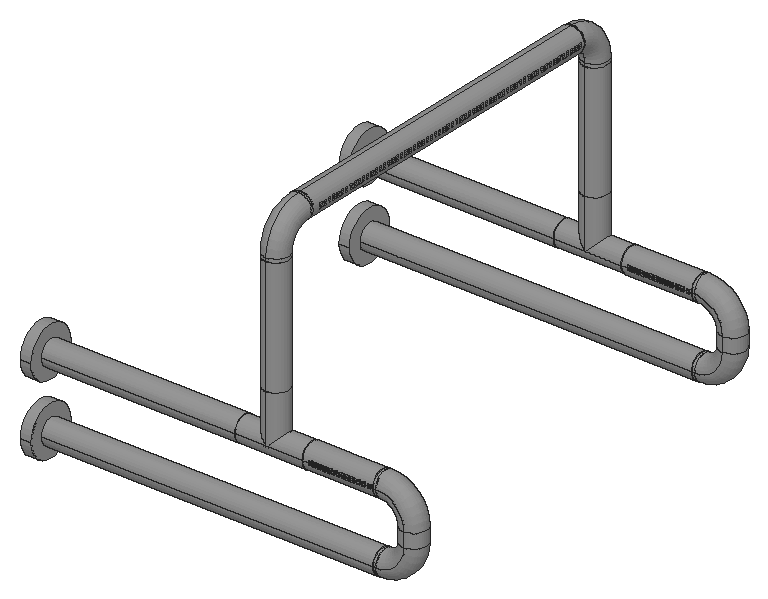
Revit family "Tube Coated Handicap Grab Bar White_IN", category Pipe Accessories, Revit 2017 (continued)
Forms (mm)
  Extrusion 285, solid, material "NYLONS"
    sketch origin (669.29, 15.021, 2.506) x (0, 1, 0) y (0, 0, -1)
      loop
        spline (90.004, -414.289) -> (89.912, -414.417) -> (89.837, -414.546) -> (89.779, -414.674) -> (89.737, -414.801) -> (89.712, -414.929) -> (89.703, -415.056) -> (89.712, -415.183) -> (89.737, -415.31) -> (89.779, -415.437) -> (89.837, -415.563) -> (89.912, -415.689) -> (90.004, -415.815)
    from 317.061 to 318.374
  Extrusion 286, solid, material "NYLONS"
    sketch origin (669.29, 15.021, -2.612) x (0, 1, 0) y (0, 0, -1)
      loop
        line (90.004, -415.815) -> (93.449, -415.815)
        spline (93.449, -415.815) -> (93.523, -415.677) -> (93.583, -415.541) -> (93.63, -415.407) -> (93.663, -415.274) -> (93.684, -415.144) -> (93.69, -415.016) -> (93.684, -414.89) -> (93.663, -414.766) -> (93.63, -414.644) -> (93.583, -414.523) -> (93.523, -414.405) -> (93.449, -414.289)
        line (93.449, -414.289) -> (90.004, -414.289)
        spline (90.004, -414.289) -> (89.912, -414.417) -> (89.837, -414.546) -> (89.779, -414.674) -> (89.737, -414.801) -> (89.712, -414.929) -> (89.703, -415.056) -> (89.712, -415.183) -> (89.737, -415.31) -> (89.779, -415.437) -> (89.837, -415.563) -> (89.912, -415.689) -> (90.004, -415.815)
    from 317.061 to 318.374
  Extrusion 287, solid, material "NYLONS"
    sketch origin (669.29, 22.532, 0) x (0, 1, 0) y (0, 0, -1)
      loop
        line (90.004, -415.815) -> (93.449, -415.815)
        spline (93.449, -415.815) -> (93.523, -415.677) -> (93.583, -415.541) -> (93.63, -415.407) -> (93.663, -415.274) -> (93.684, -415.144) -> (93.69, -415.016) -> (93.684, -414.89) -> (93.663, -414.766) -> (93.63, -414.644) -> (93.583, -414.523) -> (93.523, -414.405) -> (93.449, -414.289)
        line (93.449, -414.289) -> (90.004, -414.289)
        spline (90.004, -414.289) -> (89.912, -414.417) -> (89.837, -414.546) -> (89.779, -414.674) -> (89.737, -414.801) -> (89.712, -414.929) -> (89.703, -415.056) -> (89.712, -415.183) -> (89.737, -415.31) -> (89.779, -415.437) -> (89.837, -415.563) -> (89.912, -415.689) -> (90.004, -415.815)
    from 317.061 to 318.374
  Extrusion 288, solid, material "NYLONS"
    sketch origin (669.29, 22.532, 2.506) x (0, 1, 0) y (0, 0, -1)
      loop
        line (90.004, -415.815) -> (93.449, -415.815)
        spline (93.449, -415.815) -> (93.523, -415.677) -> (93.583, -415.541) -> (93.63, -415.407) -> (93.663, -415.274) -> (93.684, -415.144) -> (93.69, -415.016) -> (93.684, -414.89) -> (93.663, -414.766) -> (93.63, -414.644) -> (93.583, -414.523) -> (93.523, -414.405) -> (93.449, -414.289)
        line (93.449, -414.289) -> (90.004, -414.289)
        spline (90.004, -414.289) -> (89.912, -414.417) -> (89.837, -414.546) -> (89.779, -414.674) -> (89.737, -414.801) -> (89.712, -414.929) -> (89.703, -415.056) -> (89.712, -415.183) -> (89.737, -415.31) -> (89.779, -415.437) -> (89.837, -415.563) -> (89.912, -415.689) -> (90.004, -415.815)
    from 317.061 to 318.374
  Extrusion 289, solid, material "NYLONS"
    sketch origin (669.29, 22.532, -2.612) x (0, 1, 0) y (0, 0, -1)
      loop
        line (90.004, -415.815) -> (93.449, -415.815)
        spline (93.449, -415.815) -> (93.523, -415.677) -> (93.583, -415.541) -> (93.63, -415.407) -> (93.663, -415.274) -> (93.684, -415.144) -> (93.69, -415.016) -> (93.684, -414.89) -> (93.663, -414.766) -> (93.63, -414.644) -> (93.583, -414.523) -> (93.523, -414.405) -> (93.449, -414.289)
        line (93.449, -414.289) -> (90.004, -414.289)
        spline (90.004, -414.289) -> (89.912, -414.417) -> (89.837, -414.546) -> (89.779, -414.674) -> (89.737, -414.801) -> (89.712, -414.929) -> (89.703, -415.056) -> (89.712, -415.183) -> (89.737, -415.31) -> (89.779, -415.437) -> (89.837, -415.563) -> (89.912, -415.689) -> (90.004, -415.815)
    from 317.061 to 318.374
  Extrusion 290, solid, material "NYLONS"
    sketch origin (669.29, 30.208, 0) x (0, 1, 0) y (0, 0, -1)
      loop
        line (90.004, -415.815) -> (93.449, -415.815)
        spline (93.449, -415.815) -> (93.523, -415.677) -> (93.583, -415.541) -> (93.63, -415.407) -> (93.663, -415.274) -> (93.684, -415.144) -> (93.69, -415.016) -> (93.684, -414.89) -> (93.663, -414.766) -> (93.63, -414.644) -> (93.583, -414.523) -> (93.523, -414.405) -> (93.449, -414.289)
        line (93.449, -414.289) -> (90.004, -414.289)
        spline (90.004, -414.289) -> (89.912, -414.417) -> (89.837, -414.546) -> (89.779, -414.674) -> (89.737, -414.801) -> (89.712, -414.929) -> (89.703, -415.056) -> (89.712, -415.183) -> (89.737, -415.31) -> (89.779, -415.437) -> (89.837, -415.563) -> (89.912, -415.689) -> (90.004, -415.815)
    from 317.061 to 318.374
  Extrusion 291, solid, material "NYLONS"
    sketch origin (669.29, 30.208, 2.506) x (0, 1, 0) y (0, 0, -1)
      loop
        line (90.004, -415.815) -> (93.449, -415.815)
        spline (93.449, -415.815) -> (93.523, -415.677) -> (93.583, -415.541) -> (93.63, -415.407) -> (93.663, -415.274) -> (93.684, -415.144) -> (93.69, -415.016) -> (93.684, -414.89) -> (93.663, -414.766) -> (93.63, -414.644) -> (93.583, -414.523) -> (93.523, -414.405) -> (93.449, -414.289)
        line (93.449, -414.289) -> (90.004, -414.289)
        spline (90.004, -414.289) -> (89.912, -414.417) -> (89.837, -414.546) -> (89.779, -414.674) -> (89.737, -414.801) -> (89.712, -414.929) -> (89.703, -415.056) -> (89.712, -415.183) -> (89.737, -415.31) -> (89.779, -415.437) -> (89.837, -415.563) -> (89.912, -415.689) -> (90.004, -415.815)
    from 317.061 to 318.374
  Extrusion 292, solid, material "NYLONS"
    sketch origin (669.29, 30.208, -2.612) x (0, 1, 0) y (0, 0, -1)
      loop
        line (90.004, -415.815) -> (93.449, -415.815)
        spline (93.449, -415.815) -> (93.523, -415.677) -> (93.583, -415.541) -> (93.63, -415.407) -> (93.663, -415.274) -> (93.684, -415.144) -> (93.69, -415.016) -> (93.684, -414.89) -> (93.663, -414.766) -> (93.63, -414.644) -> (93.583, -414.523) -> (93.523, -414.405) -> (93.449, -414.289)
        line (93.449, -414.289) -> (90.004, -414.289)
        spline (90.004, -414.289) -> (89.912, -414.417) -> (89.837, -414.546) -> (89.779, -414.674) -> (89.737, -414.801) -> (89.712, -414.929) -> (89.703, -415.056) -> (89.712, -415.183) -> (89.737, -415.31) -> (89.779, -415.437) -> (89.837, -415.563) -> (89.912, -415.689) -> (90.004, -415.815)
    from 317.061 to 318.374
  Extrusion 293, solid, material "NYLONS"
    sketch origin (669.29, 37.719, 0) x (0, 1, 0) y (0, 0, -1)
      loop
        line (90.004, -415.815) -> (93.449, -415.815)
        spline (93.449, -415.815) -> (93.523, -415.677) -> (93.583, -415.541) -> (93.63, -415.407) -> (93.663, -415.274) -> (93.684, -415.144) -> (93.69, -415.016) -> (93.684, -414.89) -> (93.663, -414.766) -> (93.63, -414.644) -> (93.583, -414.523) -> (93.523, -414.405) -> (93.449, -414.289)
        line (93.449, -414.289) -> (90.004, -414.289)
        spline (90.004, -414.289) -> (89.912, -414.417) -> (89.837, -414.546) -> (89.779, -414.674) -> (89.737, -414.801) -> (89.712, -414.929) -> (89.703, -415.056) -> (89.712, -415.183) -> (89.737, -415.31) -> (89.779, -415.437) -> (89.837, -415.563) -> (89.912, -415.689) -> (90.004, -415.815)
    from 317.061 to 318.374
  Extrusion 294, solid, material "NYLONS"
    sketch origin (669.29, 37.719, 2.506) x (0, 1, 0) y (0, 0, -1)
      loop
        line (90.004, -415.815) -> (93.449, -415.815)
        spline (93.449, -415.815) -> (93.523, -415.677) -> (93.583, -415.541) -> (93.63, -415.407) -> (93.663, -415.274) -> (93.684, -415.144) -> (93.69, -415.016) -> (93.684, -414.89) -> (93.663, -414.766) -> (93.63, -414.644) -> (93.583, -414.523) -> (93.523, -414.405) -> (93.449, -414.289)
        line (93.449, -414.289) -> (90.004, -414.289)
        spline (90.004, -414.289) -> (89.912, -414.417) -> (89.837, -414.546) -> (89.779, -414.674) -> (89.737, -414.801) -> (89.712, -414.929) -> (89.703, -415.056) -> (89.712, -415.183) -> (89.737, -415.31) -> (89.779, -415.437) -> (89.837, -415.563) -> (89.912, -415.689) -> (90.004, -415.815)
    from 317.061 to 318.374
  Extrusion 295, solid, material "NYLONS"
    sketch origin (669.29, 37.719, -2.612) x (0, 1, 0) y (0, 0, -1)
      loop
        line (90.004, -415.815) -> (93.449, -415.815)
        spline (93.449, -415.815) -> (93.523, -415.677) -> (93.583, -415.541) -> (93.63, -415.407) -> (93.663, -415.274) -> (93.684, -415.144) -> (93.69, -415.016) -> (93.684, -414.89) -> (93.663, -414.766) -> (93.63, -414.644) -> (93.583, -414.523) -> (93.523, -414.405) -> (93.449, -414.289)
        line (93.449, -414.289) -> (90.004, -414.289)
        spline (90.004, -414.289) -> (89.912, -414.417) -> (89.837, -414.546) -> (89.779, -414.674) -> (89.737, -414.801) -> (89.712, -414.929) -> (89.703, -415.056) -> (89.712, -415.183) -> (89.737, -415.31) -> (89.779, -415.437) -> (89.837, -415.563) -> (89.912, -415.689) -> (90.004, -415.815)
    from 317.061 to 318.374
  Extrusion 296, solid, material "NYLONS"
    sketch origin (669.29, 45.229, 0) x (0, 1, 0) y (0, 0, -1)
      loop
        line (90.004, -415.815) -> (93.449, -415.815)
        spline (93.449, -415.815) -> (93.523, -415.677) -> (93.583, -415.541) -> (93.63, -415.407) -> (93.663, -415.274) -> (93.684, -415.144) -> (93.69, -415.016) -> (93.684, -414.89) -> (93.663, -414.766) -> (93.63, -414.644) -> (93.583, -414.523) -> (93.523, -414.405) -> (93.449, -414.289)
        line (93.449, -414.289) -> (90.004, -414.289)
        spline (90.004, -414.289) -> (89.912, -414.417) -> (89.837, -414.546) -> (89.779, -414.674) -> (89.737, -414.801) -> (89.712, -414.929) -> (89.703, -415.056) -> (89.712, -415.183) -> (89.737, -415.31) -> (89.779, -415.437) -> (89.837, -415.563) -> (89.912, -415.689) -> (90.004, -415.815)
    from 317.061 to 318.374
  Extrusion 297, solid, material "NYLONS"
    sketch origin (669.29, 45.229, 2.506) x (0, 1, 0) y (0, 0, -1)
      loop
        line (90.004, -415.815) -> (93.449, -415.815)
        spline (93.449, -415.815) -> (93.523, -415.677) -> (93.583, -415.541) -> (93.63, -415.407) -> (93.663, -415.274) -> (93.684, -415.144) -> (93.69, -415.016) -> (93.684, -414.89) -> (93.663, -414.766) -> (93.63, -414.644) -> (93.583, -414.523) -> (93.523, -414.405) -> (93.449, -414.289)
        line (93.449, -414.289) -> (90.004, -414.289)
        spline (90.004, -414.289) -> (89.912, -414.417) -> (89.837, -414.546) -> (89.779, -414.674) -> (89.737, -414.801) -> (89.712, -414.929) -> (89.703, -415.056) -> (89.712, -415.183) -> (89.737, -415.31) -> (89.779, -415.437) -> (89.837, -415.563) -> (89.912, -415.689) -> (90.004, -415.815)
    from 317.061 to 318.374
  Extrusion 298, solid, material "NYLONS"
    sketch origin (669.29, 45.229, -2.612) x (0, 1, 0) y (0, 0, -1)
      loop
        line (90.004, -415.815) -> (93.449, -415.815)
        spline (93.449, -415.815) -> (93.523, -415.677) -> (93.583, -415.541) -> (93.63, -415.407) -> (93.663, -415.274) -> (93.684, -415.144) -> (93.69, -415.016) -> (93.684, -414.89) -> (93.663, -414.766) -> (93.63, -414.644) -> (93.583, -414.523) -> (93.523, -414.405) -> (93.449, -414.289)
        line (93.449, -414.289) -> (90.004, -414.289)
        spline (90.004, -414.289) -> (89.912, -414.417) -> (89.837, -414.546) -> (89.779, -414.674) -> (89.737, -414.801) -> (89.712, -414.929) -> (89.703, -415.056) -> (89.712, -415.183) -> (89.737, -415.31) -> (89.779, -415.437) -> (89.837, -415.563) -> (89.912, -415.689) -> (90.004, -415.815)
    from 317.061 to 318.374
  Extrusion 299, solid, material "NYLONS"
    sketch origin (669.29, 52.74, 0) x (0, 1, 0) y (0, 0, -1)
      loop
        line (90.004, -415.815) -> (93.449, -415.815)
        spline (93.449, -415.815) -> (93.523, -415.677) -> (93.583, -415.541) -> (93.63, -415.407) -> (93.663, -415.274) -> (93.684, -415.144) -> (93.69, -415.016) -> (93.684, -414.89) -> (93.663, -414.766) -> (93.63, -414.644) -> (93.583, -414.523) -> (93.523, -414.405) -> (93.449, -414.289)
        line (93.449, -414.289) -> (90.004, -414.289)
        spline (90.004, -414.289) -> (89.912, -414.417) -> (89.837, -414.546) -> (89.779, -414.674) -> (89.737, -414.801) -> (89.712, -414.929) -> (89.703, -415.056) -> (89.712, -415.183) -> (89.737, -415.31) -> (89.779, -415.437) -> (89.837, -415.563) -> (89.912, -415.689) -> (90.004, -415.815)
    from 317.061 to 318.374
  Extrusion 300, solid, material "NYLONS"
    sketch origin (669.29, 52.74, 2.506) x (0, 1, 0) y (0, 0, -1)
      loop
        line (90.004, -415.815) -> (93.449, -415.815)
        spline (93.449, -415.815) -> (93.523, -415.677) -> (93.583, -415.541) -> (93.63, -415.407) -> (93.663, -415.274) -> (93.684, -415.144) -> (93.69, -415.016) -> (93.684, -414.89) -> (93.663, -414.766) -> (93.63, -414.644) -> (93.583, -414.523) -> (93.523, -414.405) -> (93.449, -414.289)
        line (93.449, -414.289) -> (90.004, -414.289)
        spline (90.004, -414.289) -> (89.912, -414.417) -> (89.837, -414.546) -> (89.779, -414.674) -> (89.737, -414.801) -> (89.712, -414.929) -> (89.703, -415.056) -> (89.712, -415.183) -> (89.737, -415.31) -> (89.779, -415.437) -> (89.837, -415.563) -> (89.912, -415.689) -> (90.004, -415.815)
    from 317.061 to 318.374
  Extrusion 301, solid, material "NYLONS"
    sketch origin (669.29, 52.74, -2.612) x (0, 1, 0) y (0, 0, -1)
      loop
        line (90.004, -415.815) -> (93.449, -415.815)
        spline (93.449, -415.815) -> (93.523, -415.677) -> (93.583, -415.541) -> (93.63, -415.407) -> (93.663, -415.274) -> (93.684, -415.144) -> (93.69, -415.016) -> (93.684, -414.89) -> (93.663, -414.766) -> (93.63, -414.644) -> (93.583, -414.523) -> (93.523, -414.405) -> (93.449, -414.289)
        line (93.449, -414.289) -> (90.004, -414.289)
        spline (90.004, -414.289) -> (89.912, -414.417) -> (89.837, -414.546) -> (89.779, -414.674) -> (89.737, -414.801) -> (89.712, -414.929) -> (89.703, -415.056) -> (89.712, -415.183) -> (89.737, -415.31) -> (89.779, -415.437) -> (89.837, -415.563) -> (89.912, -415.689) -> (90.004, -415.815)
    from 317.061 to 318.374
  Extrusion 302, solid, material "NYLONS"
    sketch origin (669.29, 60.251, 0) x (0, 1, 0) y (0, 0, -1)
      loop
        line (90.004, -415.815) -> (93.449, -415.815)
        spline (93.449, -415.815) -> (93.523, -415.677) -> (93.583, -415.541) -> (93.63, -415.407) -> (93.663, -415.274) -> (93.684, -415.144) -> (93.69, -415.016) -> (93.684, -414.89) -> (93.663, -414.766) -> (93.63, -414.644) -> (93.583, -414.523) -> (93.523, -414.405) -> (93.449, -414.289)
        line (93.449, -414.289) -> (90.004, -414.289)
        spline (90.004, -414.289) -> (89.912, -414.417) -> (89.837, -414.546) -> (89.779, -414.674) -> (89.737, -414.801) -> (89.712, -414.929) -> (89.703, -415.056) -> (89.712, -415.183) -> (89.737, -415.31) -> (89.779, -415.437) -> (89.837, -415.563) -> (89.912, -415.689) -> (90.004, -415.815)
    from 317.061 to 318.374
  Extrusion 303, solid, material "NYLONS"
    sketch origin (669.29, 60.251, 2.506) x (0, 1, 0) y (0, 0, -1)
      loop
        line (90.004, -415.815) -> (93.449, -415.815)
        spline (93.449, -415.815) -> (93.523, -415.677) -> (93.583, -415.541) -> (93.63, -415.407) -> (93.663, -415.274) -> (93.684, -415.144) -> (93.69, -415.016) -> (93.684, -414.89) -> (93.663, -414.766) -> (93.63, -414.644) -> (93.583, -414.523) -> (93.523, -414.405) -> (93.449, -414.289)
        line (93.449, -414.289) -> (90.004, -414.289)
        spline (90.004, -414.289) -> (89.912, -414.417) -> (89.837, -414.546) -> (89.779, -414.674) -> (89.737, -414.801) -> (89.712, -414.929) -> (89.703, -415.056) -> (89.712, -415.183) -> (89.737, -415.31) -> (89.779, -415.437) -> (89.837, -415.563) -> (89.912, -415.689) -> (90.004, -415.815)
    from 317.061 to 318.374
  Extrusion 304, solid, material "NYLONS"
    sketch origin (669.29, 60.251, -2.612) x (0, 1, 0) y (0, 0, -1)
      loop
        line (90.004, -415.815) -> (93.449, -415.815)
        spline (93.449, -415.815) -> (93.523, -415.677) -> (93.583, -415.541) -> (93.63, -415.407) -> (93.663, -415.274) -> (93.684, -415.144) -> (93.69, -415.016) -> (93.684, -414.89) -> (93.663, -414.766) -> (93.63, -414.644) -> (93.583, -414.523) -> (93.523, -414.405) -> (93.449, -414.289)
        line (93.449, -414.289) -> (90.004, -414.289)
        spline (90.004, -414.289) -> (89.912, -414.417) -> (89.837, -414.546) -> (89.779, -414.674) -> (89.737, -414.801) -> (89.712, -414.929) -> (89.703, -415.056) -> (89.712, -415.183) -> (89.737, -415.31) -> (89.779, -415.437) -> (89.837, -415.563) -> (89.912, -415.689) -> (90.004, -415.815)
    from 317.061 to 318.374
  Extrusion 305, solid, material "NYLONS"
    sketch origin (669.29, 67.761, 0) x (0, 1, 0) y (0, 0, -1)
      loop
        line (90.004, -415.815) -> (93.449, -415.815)
        spline (93.449, -415.815) -> (93.523, -415.677) -> (93.583, -415.541) -> (93.63, -415.407) -> (93.663, -415.274) -> (93.684, -415.144) -> (93.69, -415.016) -> (93.684, -414.89) -> (93.663, -414.766) -> (93.63, -414.644) -> (93.583, -414.523) -> (93.523, -414.405) -> (93.449, -414.289)
        line (93.449, -414.289) -> (90.004, -414.289)
        spline (90.004, -414.289) -> (89.912, -414.417) -> (89.837, -414.546) -> (89.779, -414.674) -> (89.737, -414.801) -> (89.712, -414.929) -> (89.703, -415.056) -> (89.712, -415.183) -> (89.737, -415.31) -> (89.779, -415.437) -> (89.837, -415.563) -> (89.912, -415.689) -> (90.004, -415.815)
    from 317.061 to 318.374
  Extrusion 306, solid, material "NYLONS"
    sketch origin (669.29, 67.761, 2.506) x (0, 1, 0) y (0, 0, -1)
      loop
        line (90.004, -415.815) -> (93.449, -415.815)
        spline (93.449, -415.815) -> (93.523, -415.677) -> (93.583, -415.541) -> (93.63, -415.407) -> (93.663, -415.274) -> (93.684, -415.144) -> (93.69, -415.016) -> (93.684, -414.89) -> (93.663, -414.766) -> (93.63, -414.644) -> (93.583, -414.523) -> (93.523, -414.405) -> (93.449, -414.289)
        line (93.449, -414.289) -> (90.004, -414.289)
        spline (90.004, -414.289) -> (89.912, -414.417) -> (89.837, -414.546) -> (89.779, -414.674) -> (89.737, -414.801) -> (89.712, -414.929) -> (89.703, -415.056) -> (89.712, -415.183) -> (89.737, -415.31) -> (89.779, -415.437) -> (89.837, -415.563) -> (89.912, -415.689) -> (90.004, -415.815)
    from 317.061 to 318.374
  Extrusion 307, solid, material "NYLONS"
    sketch origin (669.29, 67.761, -2.612) x (0, 1, 0) y (0, 0, -1)
      loop
        line (90.004, -415.815) -> (93.449, -415.815)
        spline (93.449, -415.815) -> (93.523, -415.677) -> (93.583, -415.541) -> (93.63, -415.407) -> (93.663, -415.274) -> (93.684, -415.144) -> (93.69, -415.016) -> (93.684, -414.89) -> (93.663, -414.766) -> (93.63, -414.644) -> (93.583, -414.523) -> (93.523, -414.405) -> (93.449, -414.289)
        line (93.449, -414.289) -> (90.004, -414.289)
        spline (90.004, -414.289) -> (89.912, -414.417) -> (89.837, -414.546) -> (89.779, -414.674) -> (89.737, -414.801) -> (89.712, -414.929) -> (89.703, -415.056) -> (89.712, -415.183) -> (89.737, -415.31) -> (89.779, -415.437) -> (89.837, -415.563) -> (89.912, -415.689) -> (90.004, -415.815)
    from 317.061 to 318.374
  Extrusion 308, solid, material "NYLONS"
    sketch origin (669.29, 75.272, 0) x (0, 1, 0) y (0, 0, -1)
      loop
        line (90.004, -415.815) -> (93.449, -415.815)
        spline (93.449, -415.815) -> (93.523, -415.677) -> (93.583, -415.541) -> (93.63, -415.407) -> (93.663, -415.274) -> (93.684, -415.144) -> (93.69, -415.016) -> (93.684, -414.89) -> (93.663, -414.766) -> (93.63, -414.644) -> (93.583, -414.523) -> (93.523, -414.405) -> (93.449, -414.289)
        line (93.449, -414.289) -> (90.004, -414.289)
        spline (90.004, -414.289) -> (89.912, -414.417) -> (89.837, -414.546) -> (89.779, -414.674) -> (89.737, -414.801) -> (89.712, -414.929) -> (89.703, -415.056) -> (89.712, -415.183) -> (89.737, -415.31) -> (89.779, -415.437) -> (89.837, -415.563) -> (89.912, -415.689) -> (90.004, -415.815)
    from 317.061 to 318.374
  Extrusion 309, solid, material "NYLONS"
    sketch origin (669.29, 75.272, 2.506) x (0, 1, 0) y (0, 0, -1)
      loop
        line (90.004, -415.815) -> (93.449, -415.815)
        spline (93.449, -415.815) -> (93.523, -415.677) -> (93.583, -415.541) -> (93.63, -415.407) -> (93.663, -415.274) -> (93.684, -415.144) -> (93.69, -415.016) -> (93.684, -414.89) -> (93.663, -414.766) -> (93.63, -414.644) -> (93.583, -414.523) -> (93.523, -414.405) -> (93.449, -414.289)
        line (93.449, -414.289) -> (90.004, -414.289)
        spline (90.004, -414.289) -> (89.912, -414.417) -> (89.837, -414.546) -> (89.779, -414.674) -> (89.737, -414.801) -> (89.712, -414.929) -> (89.703, -415.056) -> (89.712, -415.183) -> (89.737, -415.31) -> (89.779, -415.437) -> (89.837, -415.563) -> (89.912, -415.689) -> (90.004, -415.815)
    from 317.061 to 318.374
  Extrusion 310, solid, material "NYLONS"
    sketch origin (669.29, 75.272, -2.612) x (0, 1, 0) y (0, 0, -1)
      loop
        line (90.004, -415.815) -> (93.449, -415.815)
        spline (93.449, -415.815) -> (93.523, -415.677) -> (93.583, -415.541) -> (93.63, -415.407) -> (93.663, -415.274) -> (93.684, -415.144) -> (93.69, -415.016) -> (93.684, -414.89) -> (93.663, -414.766) -> (93.63, -414.644) -> (93.583, -414.523) -> (93.523, -414.405) -> (93.449, -414.289)
        line (93.449, -414.289) -> (90.004, -414.289)
        spline (90.004, -414.289) -> (89.912, -414.417) -> (89.837, -414.546) -> (89.779, -414.674) -> (89.737, -414.801) -> (89.712, -414.929) -> (89.703, -415.056) -> (89.712, -415.183) -> (89.737, -415.31) -> (89.779, -415.437) -> (89.837, -415.563) -> (89.912, -415.689) -> (90.004, -415.815)
    from 317.061 to 318.374
  Extrusion 311, solid, material "NYLONS"
    sketch origin (669.29, 82.783, 0) x (0, 1, 0) y (0, 0, -1)
      loop
        line (90.004, -415.815) -> (93.449, -415.815)
        spline (93.449, -415.815) -> (93.523, -415.677) -> (93.583, -415.541) -> (93.63, -415.407) -> (93.663, -415.274) -> (93.684, -415.144) -> (93.69, -415.016) -> (93.684, -414.89) -> (93.663, -414.766) -> (93.63, -414.644) -> (93.583, -414.523) -> (93.523, -414.405) -> (93.449, -414.289)
        line (93.449, -414.289) -> (90.004, -414.289)
        spline (90.004, -414.289) -> (89.912, -414.417) -> (89.837, -414.546) -> (89.779, -414.674) -> (89.737, -414.801) -> (89.712, -414.929) -> (89.703, -415.056) -> (89.712, -415.183) -> (89.737, -415.31) -> (89.779, -415.437) -> (89.837, -415.563) -> (89.912, -415.689) -> (90.004, -415.815)
    from 317.061 to 318.374
  Extrusion 312, solid, material "NYLONS"
    sketch origin (669.29, 82.783, 2.506) x (0, 1, 0) y (0, 0, -1)
      loop
        line (90.004, -415.815) -> (93.449, -415.815)
        spline (93.449, -415.815) -> (93.523, -415.677) -> (93.583, -415.541) -> (93.63, -415.407) -> (93.663, -415.274) -> (93.684, -415.144) -> (93.69, -415.016) -> (93.684, -414.89) -> (93.663, -414.766) -> (93.63, -414.644) -> (93.583, -414.523) -> (93.523, -414.405) -> (93.449, -414.289)
        line (93.449, -414.289) -> (90.004, -414.289)
        spline (90.004, -414.289) -> (89.912, -414.417) -> (89.837, -414.546) -> (89.779, -414.674) -> (89.737, -414.801) -> (89.712, -414.929) -> (89.703, -415.056) -> (89.712, -415.183) -> (89.737, -415.31) -> (89.779, -415.437) -> (89.837, -415.563) -> (89.912, -415.689) -> (90.004, -415.815)
    from 317.061 to 318.374
  Extrusion 313, solid, material "NYLONS"
    sketch origin (669.29, 82.783, -2.612) x (0, 1, 0) y (0, 0, -1)
      loop
        line (90.004, -415.815) -> (93.449, -415.815)
        spline (93.449, -415.815) -> (93.523, -415.677) -> (93.583, -415.541) -> (93.63, -415.407) -> (93.663, -415.274) -> (93.684, -415.144) -> (93.69, -415.016) -> (93.684, -414.89) -> (93.663, -414.766) -> (93.63, -414.644) -> (93.583, -414.523) -> (93.523, -414.405) -> (93.449, -414.289)
        line (93.449, -414.289) -> (90.004, -414.289)
        spline (90.004, -414.289) -> (89.912, -414.417) -> (89.837, -414.546) -> (89.779, -414.674) -> (89.737, -414.801) -> (89.712, -414.929) -> (89.703, -415.056) -> (89.712, -415.183) -> (89.737, -415.31) -> (89.779, -415.437) -> (89.837, -415.563) -> (89.912, -415.689) -> (90.004, -415.815)
    from 317.061 to 318.374
  Extrusion 314, solid, material "NYLONS"
    sketch origin (669.29, 90.376, 0) x (0, 1, 0) y (0, 0, -1)
      loop
        line (90.004, -415.815) -> (93.449, -415.815)
        spline (93.449, -415.815) -> (93.523, -415.677) -> (93.583, -415.541) -> (93.63, -415.407) -> (93.663, -415.274) -> (93.684, -415.144) -> (93.69, -415.016) -> (93.684, -414.89) -> (93.663, -414.766) -> (93.63, -414.644) -> (93.583, -414.523) -> (93.523, -414.405) -> (93.449, -414.289)
        line (93.449, -414.289) -> (90.004, -414.289)
        spline (90.004, -414.289) -> (89.912, -414.417) -> (89.837, -414.546) -> (89.779, -414.674) -> (89.737, -414.801) -> (89.712, -414.929) -> (89.703, -415.056) -> (89.712, -415.183) -> (89.737, -415.31) -> (89.779, -415.437) -> (89.837, -415.563) -> (89.912, -415.689) -> (90.004, -415.815)
    from 317.061 to 318.374
  Extrusion 315, solid, material "NYLONS"
    sketch origin (669.29, 90.376, 2.506) x (0, 1, 0) y (0, 0, -1)
      loop
        line (90.004, -415.815) -> (93.449, -415.815)
        spline (93.449, -415.815) -> (93.523, -415.677) -> (93.583, -415.541) -> (93.63, -415.407) -> (93.663, -415.274) -> (93.684, -415.144) -> (93.69, -415.016) -> (93.684, -414.89) -> (93.663, -414.766) -> (93.63, -414.644) -> (93.583, -414.523) -> (93.523, -414.405) -> (93.449, -414.289)
        line (93.449, -414.289) -> (90.004, -414.289)
        spline (90.004, -414.289) -> (89.912, -414.417) -> (89.837, -414.546) -> (89.779, -414.674) -> (89.737, -414.801) -> (89.712, -414.929) -> (89.703, -415.056) -> (89.712, -415.183) -> (89.737, -415.31) -> (89.779, -415.437) -> (89.837, -415.563) -> (89.912, -415.689) -> (90.004, -415.815)
    from 317.061 to 318.374
  Extrusion 316, solid, material "NYLONS"
    sketch origin (669.29, 90.376, -2.612) x (0, 1, 0) y (0, 0, -1)
      loop
        line (90.004, -415.815) -> (93.449, -415.815)
        spline (93.449, -415.815) -> (93.523, -415.677) -> (93.583, -415.541) -> (93.63, -415.407) -> (93.663, -415.274) -> (93.684, -415.144) -> (93.69, -415.016) -> (93.684, -414.89) -> (93.663, -414.766) -> (93.63, -414.644) -> (93.583, -414.523) -> (93.523, -414.405) -> (93.449, -414.289)
        line (93.449, -414.289) -> (90.004, -414.289)
        spline (90.004, -414.289) -> (89.912, -414.417) -> (89.837, -414.546) -> (89.779, -414.674) -> (89.737, -414.801) -> (89.712, -414.929) -> (89.703, -415.056) -> (89.712, -415.183) -> (89.737, -415.31) -> (89.779, -415.437) -> (89.837, -415.563) -> (89.912, -415.689) -> (90.004, -415.815)
    from 317.061 to 318.374
  Extrusion 317, solid, material "NYLONS"
    sketch origin (669.29, 97.969, 0) x (0, 1, 0) y (0, 0, -1)
      loop
        line (90.004, -415.815) -> (93.449, -415.815)
        spline (93.449, -415.815) -> (93.523, -415.677) -> (93.583, -415.541) -> (93.63, -415.407) -> (93.663, -415.274) -> (93.684, -415.144) -> (93.69, -415.016) -> (93.684, -414.89) -> (93.663, -414.766) -> (93.63, -414.644) -> (93.583, -414.523) -> (93.523, -414.405) -> (93.449, -414.289)
        line (93.449, -414.289) -> (90.004, -414.289)
        spline (90.004, -414.289) -> (89.912, -414.417) -> (89.837, -414.546) -> (89.779, -414.674) -> (89.737, -414.801) -> (89.712, -414.929) -> (89.703, -415.056) -> (89.712, -415.183) -> (89.737, -415.31) -> (89.779, -415.437) -> (89.837, -415.563) -> (89.912, -415.689) -> (90.004, -415.815)
    from 317.061 to 318.374
  Extrusion 318, solid, material "NYLONS"
    sketch origin (669.29, 97.969, 2.506) x (0, 1, 0) y (0, 0, -1)
      loop
        line (90.004, -415.815) -> (93.449, -415.815)
        spline (93.449, -415.815) -> (93.523, -415.677) -> (93.583, -415.541) -> (93.63, -415.407) -> (93.663, -415.274) -> (93.684, -415.144) -> (93.69, -415.016) -> (93.684, -414.89) -> (93.663, -414.766) -> (93.63, -414.644) -> (93.583, -414.523) -> (93.523, -414.405) -> (93.449, -414.289)
        line (93.449, -414.289) -> (90.004, -414.289)
        spline (90.004, -414.289) -> (89.912, -414.417) -> (89.837, -414.546) -> (89.779, -414.674) -> (89.737, -414.801) -> (89.712, -414.929) -> (89.703, -415.056) -> (89.712, -415.183) -> (89.737, -415.31) -> (89.779, -415.437) -> (89.837, -415.563) -> (89.912, -415.689) -> (90.004, -415.815)
    from 317.061 to 318.374
  Extrusion 319, solid, material "NYLONS"
    sketch origin (669.29, 97.969, -2.612) x (0, 1, 0) y (0, 0, -1)
      loop
        line (90.004, -415.815) -> (93.449, -415.815)
        spline (93.449, -415.815) -> (93.523, -415.677) -> (93.583, -415.541) -> (93.63, -415.407) -> (93.663, -415.274) -> (93.684, -415.144) -> (93.69, -415.016) -> (93.684, -414.89) -> (93.663, -414.766) -> (93.63, -414.644) -> (93.583, -414.523) -> (93.523, -414.405) -> (93.449, -414.289)
        line (93.449, -414.289) -> (90.004, -414.289)
        spline (90.004, -414.289) -> (89.912, -414.417) -> (89.837, -414.546) -> (89.779, -414.674) -> (89.737, -414.801) -> (89.712, -414.929) -> (89.703, -415.056) -> (89.712, -415.183) -> (89.737, -415.31) -> (89.779, -415.437) -> (89.837, -415.563) -> (89.912, -415.689) -> (90.004, -415.815)
    from 317.061 to 318.374
  Extrusion 320, solid, material "NYLONS"
    sketch origin (669.29, 105.315, 0) x (0, 1, 0) y (0, 0, -1)
      loop
        line (90.004, -415.815) -> (93.449, -415.815)
        spline (93.449, -415.815) -> (93.523, -415.677) -> (93.583, -415.541) -> (93.63, -415.407) -> (93.663, -415.274) -> (93.684, -415.144) -> (93.69, -415.016) -> (93.684, -414.89) -> (93.663, -414.766) -> (93.63, -414.644) -> (93.583, -414.523) -> (93.523, -414.405) -> (93.449, -414.289)
        line (93.449, -414.289) -> (90.004, -414.289)
        spline (90.004, -414.289) -> (89.912, -414.417) -> (89.837, -414.546) -> (89.779, -414.674) -> (89.737, -414.801) -> (89.712, -414.929) -> (89.703, -415.056) -> (89.712, -415.183) -> (89.737, -415.31) -> (89.779, -415.437) -> (89.837, -415.563) -> (89.912, -415.689) -> (90.004, -415.815)
    from 317.061 to 318.374
  Extrusion 321, solid, material "NYLONS"
    sketch origin (669.29, 105.315, 2.506) x (0, 1, 0) y (0, 0, -1)
      loop
        line (90.004, -415.815) -> (93.449, -415.815)
        spline (93.449, -415.815) -> (93.523, -415.677) -> (93.583, -415.541) -> (93.63, -415.407) -> (93.663, -415.274) -> (93.684, -415.144) -> (93.69, -415.016) -> (93.684, -414.89) -> (93.663, -414.766) -> (93.63, -414.644) -> (93.583, -414.523) -> (93.523, -414.405) -> (93.449, -414.289)
        line (93.449, -414.289) -> (90.004, -414.289)
        spline (90.004, -414.289) -> (89.912, -414.417) -> (89.837, -414.546) -> (89.779, -414.674) -> (89.737, -414.801) -> (89.712, -414.929) -> (89.703, -415.056) -> (89.712, -415.183) -> (89.737, -415.31) -> (89.779, -415.437) -> (89.837, -415.563) -> (89.912, -415.689) -> (90.004, -415.815)
    from 317.061 to 318.374
  Extrusion 322, solid, material "NYLONS"
    sketch origin (669.29, 105.315, -2.612) x (0, 1, 0) y (0, 0, -1)
      loop
        line (90.004, -415.815) -> (93.449, -415.815)
        spline (93.449, -415.815) -> (93.523, -415.677) -> (93.583, -415.541) -> (93.63, -415.407) -> (93.663, -415.274) -> (93.684, -415.144) -> (93.69, -415.016) -> (93.684, -414.89) -> (93.663, -414.766) -> (93.63, -414.644) -> (93.583, -414.523) -> (93.523, -414.405) -> (93.449, -414.289)
        line (93.449, -414.289) -> (90.004, -414.289)
        spline (90.004, -414.289) -> (89.912, -414.417) -> (89.837, -414.546) -> (89.779, -414.674) -> (89.737, -414.801) -> (89.712, -414.929) -> (89.703, -415.056) -> (89.712, -415.183) -> (89.737, -415.31) -> (89.779, -415.437) -> (89.837, -415.563) -> (89.912, -415.689) -> (90.004, -415.815)
    from 317.061 to 318.374
  Extrusion 323, solid, material "NYLONS"
    sketch origin (669.29, 112.495, 0) x (0, 1, 0) y (0, 0, -1)
      loop
        line (90.004, -415.815) -> (93.449, -415.815)
        spline (93.449, -415.815) -> (93.523, -415.677) -> (93.583, -415.541) -> (93.63, -415.407) -> (93.663, -415.274) -> (93.684, -415.144) -> (93.69, -415.016) -> (93.684, -414.89) -> (93.663, -414.766) -> (93.63, -414.644) -> (93.583, -414.523) -> (93.523, -414.405) -> (93.449, -414.289)
        line (93.449, -414.289) -> (90.004, -414.289)
        spline (90.004, -414.289) -> (89.912, -414.417) -> (89.837, -414.546) -> (89.779, -414.674) -> (89.737, -414.801) -> (89.712, -414.929) -> (89.703, -415.056) -> (89.712, -415.183) -> (89.737, -415.31) -> (89.779, -415.437) -> (89.837, -415.563) -> (89.912, -415.689) -> (90.004, -415.815)
    from 317.061 to 318.374
  Extrusion 324, solid, material "NYLONS"
    sketch origin (669.29, 112.495, 2.506) x (0, 1, 0) y (0, 0, -1)
      loop
        line (90.004, -415.815) -> (93.449, -415.815)
        spline (93.449, -415.815) -> (93.523, -415.677) -> (93.583, -415.541) -> (93.63, -415.407) -> (93.663, -415.274) -> (93.684, -415.144) -> (93.69, -415.016) -> (93.684, -414.89) -> (93.663, -414.766) -> (93.63, -414.644) -> (93.583, -414.523) -> (93.523, -414.405) -> (93.449, -414.289)
        line (93.449, -414.289) -> (90.004, -414.289)
        spline (90.004, -414.289) -> (89.912, -414.417) -> (89.837, -414.546) -> (89.779, -414.674) -> (89.737, -414.801) -> (89.712, -414.929) -> (89.703, -415.056) -> (89.712, -415.183) -> (89.737, -415.31) -> (89.779, -415.437) -> (89.837, -415.563) -> (89.912, -415.689) -> (90.004, -415.815)
    from 317.061 to 318.374
  Extrusion 325, solid, material "NYLONS"
    sketch origin (669.29, 112.495, -2.612) x (0, 1, 0) y (0, 0, -1)
      loop
        line (90.004, -415.815) -> (93.449, -415.815)
        spline (93.449, -415.815) -> (93.523, -415.677) -> (93.583, -415.541) -> (93.63, -415.407) -> (93.663, -415.274) -> (93.684, -415.144) -> (93.69, -415.016) -> (93.684, -414.89) -> (93.663, -414.766) -> (93.63, -414.644) -> (93.583, -414.523) -> (93.523, -414.405) -> (93.449, -414.289)
        line (93.449, -414.289) -> (90.004, -414.289)
        spline (90.004, -414.289) -> (89.912, -414.417) -> (89.837, -414.546) -> (89.779, -414.674) -> (89.737, -414.801) -> (89.712, -414.929) -> (89.703, -415.056) -> (89.712, -415.183) -> (89.737, -415.31) -> (89.779, -415.437) -> (89.837, -415.563) -> (89.912, -415.689) -> (90.004, -415.815)
    from 317.061 to 318.374
  Extrusion 326, solid, material "NYLONS"
    sketch origin (669.29, 120.089, 0) x (0, 1, 0) y (0, 0, -1)
      loop
        line (90.004, -415.815) -> (93.449, -415.815)
        spline (93.449, -415.815) -> (93.523, -415.677) -> (93.583, -415.541) -> (93.63, -415.407) -> (93.663, -415.274) -> (93.684, -415.144) -> (93.69, -415.016) -> (93.684, -414.89) -> (93.663, -414.766) -> (93.63, -414.644) -> (93.583, -414.523) -> (93.523, -414.405) -> (93.449, -414.289)
        line (93.449, -414.289) -> (90.004, -414.289)
        spline (90.004, -414.289) -> (89.912, -414.417) -> (89.837, -414.546) -> (89.779, -414.674) -> (89.737, -414.801) -> (89.712, -414.929) -> (89.703, -415.056) -> (89.712, -415.183) -> (89.737, -415.31) -> (89.779, -415.437) -> (89.837, -415.563) -> (89.912, -415.689) -> (90.004, -415.815)
    from 317.061 to 318.374
  Extrusion 327, solid, material "NYLONS"
    sketch origin (669.29, 120.089, 2.506) x (0, 1, 0) y (0, 0, -1)
      loop
        line (90.004, -415.815) -> (93.449, -415.815)
        spline (93.449, -415.815) -> (93.523, -415.677) -> (93.583, -415.541) -> (93.63, -415.407) -> (93.663, -415.274) -> (93.684, -415.144) -> (93.69, -415.016) -> (93.684, -414.89) -> (93.663, -414.766) -> (93.63, -414.644) -> (93.583, -414.523) -> (93.523, -414.405) -> (93.449, -414.289)
        line (93.449, -414.289) -> (90.004, -414.289)
        spline (90.004, -414.289) -> (89.912, -414.417) -> (89.837, -414.546) -> (89.779, -414.674) -> (89.737, -414.801) -> (89.712, -414.929) -> (89.703, -415.056) -> (89.712, -415.183) -> (89.737, -415.31) -> (89.779, -415.437) -> (89.837, -415.563) -> (89.912, -415.689) -> (90.004, -415.815)
    from 317.061 to 318.374
  Extrusion 328, solid, material "NYLONS"
    sketch origin (669.29, 120.089, -2.612) x (0, 1, 0) y (0, 0, -1)
      loop
        line (90.004, -415.815) -> (93.449, -415.815)
        spline (93.449, -415.815) -> (93.523, -415.677) -> (93.583, -415.541) -> (93.63, -415.407) -> (93.663, -415.274) -> (93.684, -415.144) -> (93.69, -415.016) -> (93.684, -414.89) -> (93.663, -414.766) -> (93.63, -414.644) -> (93.583, -414.523) -> (93.523, -414.405) -> (93.449, -414.289)
        line (93.449, -414.289) -> (90.004, -414.289)
        spline (90.004, -414.289) -> (89.912, -414.417) -> (89.837, -414.546) -> (89.779, -414.674) -> (89.737, -414.801) -> (89.712, -414.929) -> (89.703, -415.056) -> (89.712, -415.183) -> (89.737, -415.31) -> (89.779, -415.437) -> (89.837, -415.563) -> (89.912, -415.689) -> (90.004, -415.815)
    from 317.061 to 318.374
  Extrusion 329, solid, material "NYLONS"
    sketch origin (669.29, 127.682, 0) x (0, 1, 0) y (0, 0, -1)
      loop
        line (90.004, -415.815) -> (93.449, -415.815)
        spline (93.449, -415.815) -> (93.523, -415.677) -> (93.583, -415.541) -> (93.63, -415.407) -> (93.663, -415.274) -> (93.684, -415.144) -> (93.69, -415.016) -> (93.684, -414.89) -> (93.663, -414.766) -> (93.63, -414.644) -> (93.583, -414.523) -> (93.523, -414.405) -> (93.449, -414.289)
        line (93.449, -414.289) -> (90.004, -414.289)
        spline (90.004, -414.289) -> (89.912, -414.417) -> (89.837, -414.546) -> (89.779, -414.674) -> (89.737, -414.801) -> (89.712, -414.929) -> (89.703, -415.056) -> (89.712, -415.183) -> (89.737, -415.31) -> (89.779, -415.437) -> (89.837, -415.563) -> (89.912, -415.689) -> (90.004, -415.815)
    from 317.061 to 318.374
  Extrusion 330, solid, material "NYLONS"
    sketch origin (669.29, 127.682, 2.506) x (0, 1, 0) y (0, 0, -1)
      loop
        line (90.004, -415.815) -> (93.449, -415.815)
        spline (93.449, -415.815) -> (93.523, -415.677) -> (93.583, -415.541) -> (93.63, -415.407) -> (93.663, -415.274) -> (93.684, -415.144) -> (93.69, -415.016) -> (93.684, -414.89) -> (93.663, -414.766) -> (93.63, -414.644) -> (93.583, -414.523) -> (93.523, -414.405) -> (93.449, -414.289)
        line (93.449, -414.289) -> (90.004, -414.289)
        spline (90.004, -414.289) -> (89.912, -414.417) -> (89.837, -414.546) -> (89.779, -414.674) -> (89.737, -414.801) -> (89.712, -414.929) -> (89.703, -415.056) -> (89.712, -415.183) -> (89.737, -415.31) -> (89.779, -415.437) -> (89.837, -415.563) -> (89.912, -415.689) -> (90.004, -415.815)
    from 317.061 to 318.374
  Extrusion 331, solid, material "NYLONS"
    sketch origin (669.29, 127.682, -2.612) x (0, 1, 0) y (0, 0, -1)
      loop
        line (90.004, -415.815) -> (93.449, -415.815)
        spline (93.449, -415.815) -> (93.523, -415.677) -> (93.583, -415.541) -> (93.63, -415.407) -> (93.663, -415.274) -> (93.684, -415.144) -> (93.69, -415.016) -> (93.684, -414.89) -> (93.663, -414.766) -> (93.63, -414.644) -> (93.583, -414.523) -> (93.523, -414.405) -> (93.449, -414.289)
        line (93.449, -414.289) -> (90.004, -414.289)
        spline (90.004, -414.289) -> (89.912, -414.417) -> (89.837, -414.546) -> (89.779, -414.674) -> (89.737, -414.801) -> (89.712, -414.929) -> (89.703, -415.056) -> (89.712, -415.183) -> (89.737, -415.31) -> (89.779, -415.437) -> (89.837, -415.563) -> (89.912, -415.689) -> (90.004, -415.815)
    from 317.061 to 318.374
  Extrusion 332, solid, material "NYLONS"
    sketch origin (669.29, 135.192, 0) x (0, 1, 0) y (0, 0, -1)
      loop
        line (90.004, -415.815) -> (93.449, -415.815)
        spline (93.449, -415.815) -> (93.523, -415.677) -> (93.583, -415.541) -> (93.63, -415.407) -> (93.663, -415.274) -> (93.684, -415.144) -> (93.69, -415.016) -> (93.684, -414.89) -> (93.663, -414.766) -> (93.63, -414.644) -> (93.583, -414.523) -> (93.523, -414.405) -> (93.449, -414.289)
        line (93.449, -414.289) -> (90.004, -414.289)
        spline (90.004, -414.289) -> (89.912, -414.417) -> (89.837, -414.546) -> (89.779, -414.674) -> (89.737, -414.801) -> (89.712, -414.929) -> (89.703, -415.056) -> (89.712, -415.183) -> (89.737, -415.31) -> (89.779, -415.437) -> (89.837, -415.563) -> (89.912, -415.689) -> (90.004, -415.815)
    from 317.061 to 318.374
  Extrusion 333, solid, material "NYLONS"
    sketch origin (669.29, 135.192, 2.506) x (0, 1, 0) y (0, 0, -1)
      loop
        line (90.004, -415.815) -> (93.449, -415.815)
        spline (93.449, -415.815) -> (93.523, -415.677) -> (93.583, -415.541) -> (93.63, -415.407) -> (93.663, -415.274) -> (93.684, -415.144) -> (93.69, -415.016) -> (93.684, -414.89) -> (93.663, -414.766) -> (93.63, -414.644) -> (93.583, -414.523) -> (93.523, -414.405) -> (93.449, -414.289)
        line (93.449, -414.289) -> (90.004, -414.289)
        spline (90.004, -414.289) -> (89.912, -414.417) -> (89.837, -414.546) -> (89.779, -414.674) -> (89.737, -414.801) -> (89.712, -414.929) -> (89.703, -415.056) -> (89.712, -415.183) -> (89.737, -415.31) -> (89.779, -415.437) -> (89.837, -415.563) -> (89.912, -415.689) -> (90.004, -415.815)
    from 317.061 to 318.374
  Extrusion 334, solid, material "NYLONS"
    sketch origin (669.29, 135.192, -2.612) x (0, 1, 0) y (0, 0, -1)
      loop
        line (90.004, -415.815) -> (93.449, -415.815)
        spline (93.449, -415.815) -> (93.523, -415.677) -> (93.583, -415.541) -> (93.63, -415.407) -> (93.663, -415.274) -> (93.684, -415.144) -> (93.69, -415.016) -> (93.684, -414.89) -> (93.663, -414.766) -> (93.63, -414.644) -> (93.583, -414.523) -> (93.523, -414.405) -> (93.449, -414.289)
        line (93.449, -414.289) -> (90.004, -414.289)
        spline (90.004, -414.289) -> (89.912, -414.417) -> (89.837, -414.546) -> (89.779, -414.674) -> (89.737, -414.801) -> (89.712, -414.929) -> (89.703, -415.056) -> (89.712, -415.183) -> (89.737, -415.31) -> (89.779, -415.437) -> (89.837, -415.563) -> (89.912, -415.689) -> (90.004, -415.815)
    from 317.061 to 318.374
  Extrusion 335, solid, material "NYLONS"
    sketch origin (669.29, 142.868, 0) x (0, 1, 0) y (0, 0, -1)
      loop
        line (90.004, -415.815) -> (93.449, -415.815)
        spline (93.449, -415.815) -> (93.523, -415.677) -> (93.583, -415.541) -> (93.63, -415.407) -> (93.663, -415.274) -> (93.684, -415.144) -> (93.69, -415.016) -> (93.684, -414.89) -> (93.663, -414.766) -> (93.63, -414.644) -> (93.583, -414.523) -> (93.523, -414.405) -> (93.449, -414.289)
        line (93.449, -414.289) -> (90.004, -414.289)
        spline (90.004, -414.289) -> (89.912, -414.417) -> (89.837, -414.546) -> (89.779, -414.674) -> (89.737, -414.801) -> (89.712, -414.929) -> (89.703, -415.056) -> (89.712, -415.183) -> (89.737, -415.31) -> (89.779, -415.437) -> (89.837, -415.563) -> (89.912, -415.689) -> (90.004, -415.815)
    from 317.061 to 318.374
  Extrusion 336, solid, material "NYLONS"
    sketch origin (669.29, 142.868, 2.506) x (0, 1, 0) y (0, 0, -1)
      loop
        line (90.004, -415.815) -> (93.449, -415.815)
        spline (93.449, -415.815) -> (93.523, -415.677) -> (93.583, -415.541) -> (93.63, -415.407) -> (93.663, -415.274) -> (93.684, -415.144) -> (93.69, -415.016) -> (93.684, -414.89) -> (93.663, -414.766) -> (93.63, -414.644) -> (93.583, -414.523) -> (93.523, -414.405) -> (93.449, -414.289)
        line (93.449, -414.289) -> (90.004, -414.289)
        spline (90.004, -414.289) -> (89.912, -414.417) -> (89.837, -414.546) -> (89.779, -414.674) -> (89.737, -414.801) -> (89.712, -414.929) -> (89.703, -415.056) -> (89.712, -415.183) -> (89.737, -415.31) -> (89.779, -415.437) -> (89.837, -415.563) -> (89.912, -415.689) -> (90.004, -415.815)
    from 317.061 to 318.374
  Extrusion 337, solid, material "NYLONS"
    sketch origin (669.29, 142.868, -2.612) x (0, 1, 0) y (0, 0, -1)
      loop
        line (90.004, -415.815) -> (93.449, -415.815)
        spline (93.449, -415.815) -> (93.523, -415.677) -> (93.583, -415.541) -> (93.63, -415.407) -> (93.663, -415.274) -> (93.684, -415.144) -> (93.69, -415.016) -> (93.684, -414.89) -> (93.663, -414.766) -> (93.63, -414.644) -> (93.583, -414.523) -> (93.523, -414.405) -> (93.449, -414.289)
        line (93.449, -414.289) -> (90.004, -414.289)
        spline (90.004, -414.289) -> (89.912, -414.417) -> (89.837, -414.546) -> (89.779, -414.674) -> (89.737, -414.801) -> (89.712, -414.929) -> (89.703, -415.056) -> (89.712, -415.183) -> (89.737, -415.31) -> (89.779, -415.437) -> (89.837, -415.563) -> (89.912, -415.689) -> (90.004, -415.815)
    from 317.061 to 318.374
  Extrusion 338, solid, material "NYLONS"
    sketch origin (669.29, 150.461, 0) x (0, 1, 0) y (0, 0, -1)
      loop
        line (90.004, -415.815) -> (93.449, -415.815)
        spline (93.449, -415.815) -> (93.523, -415.677) -> (93.583, -415.541) -> (93.63, -415.407) -> (93.663, -415.274) -> (93.684, -415.144) -> (93.69, -415.016) -> (93.684, -414.89) -> (93.663, -414.766) -> (93.63, -414.644) -> (93.583, -414.523) -> (93.523, -414.405) -> (93.449, -414.289)
        line (93.449, -414.289) -> (90.004, -414.289)
        spline (90.004, -414.289) -> (89.912, -414.417) -> (89.837, -414.546) -> (89.779, -414.674) -> (89.737, -414.801) -> (89.712, -414.929) -> (89.703, -415.056) -> (89.712, -415.183) -> (89.737, -415.31) -> (89.779, -415.437) -> (89.837, -415.563) -> (89.912, -415.689) -> (90.004, -415.815)
    from 317.061 to 318.374
  Extrusion 339, solid, material "NYLONS"
    sketch origin (669.29, 150.461, 2.506) x (0, 1, 0) y (0, 0, -1)
      loop
        line (90.004, -415.815) -> (93.449, -415.815)
        spline (93.449, -415.815) -> (93.523, -415.677) -> (93.583, -415.541) -> (93.63, -415.407) -> (93.663, -415.274) -> (93.684, -415.144) -> (93.69, -415.016) -> (93.684, -414.89) -> (93.663, -414.766) -> (93.63, -414.644) -> (93.583, -414.523) -> (93.523, -414.405) -> (93.449, -414.289)
        line (93.449, -414.289) -> (90.004, -414.289)
        spline (90.004, -414.289) -> (89.912, -414.417) -> (89.837, -414.546) -> (89.779, -414.674) -> (89.737, -414.801) -> (89.712, -414.929) -> (89.703, -415.056) -> (89.712, -415.183) -> (89.737, -415.31) -> (89.779, -415.437) -> (89.837, -415.563) -> (89.912, -415.689) -> (90.004, -415.815)
    from 317.061 to 318.374
  Extrusion 340, solid, material "NYLONS"
    sketch origin (669.29, 150.461, -2.612) x (0, 1, 0) y (0, 0, -1)
      loop
        line (90.004, -415.815) -> (93.449, -415.815)
        spline (93.449, -415.815) -> (93.523, -415.677) -> (93.583, -415.541) -> (93.63, -415.407) -> (93.663, -415.274) -> (93.684, -415.144) -> (93.69, -415.016) -> (93.684, -414.89) -> (93.663, -414.766) -> (93.63, -414.644) -> (93.583, -414.523) -> (93.523, -414.405) -> (93.449, -414.289)
        line (93.449, -414.289) -> (90.004, -414.289)
        spline (90.004, -414.289) -> (89.912, -414.417) -> (89.837, -414.546) -> (89.779, -414.674) -> (89.737, -414.801) -> (89.712, -414.929) -> (89.703, -415.056) -> (89.712, -415.183) -> (89.737, -415.31) -> (89.779, -415.437) -> (89.837, -415.563) -> (89.912, -415.689) -> (90.004, -415.815)
    from 317.061 to 318.374
  Extrusion 341, solid, material "NYLONS"
    sketch origin (669.29, 158.055, 0) x (0, 1, 0) y (0, 0, -1)
      loop
        line (90.004, -415.815) -> (93.449, -415.815)
        spline (93.449, -415.815) -> (93.523, -415.677) -> (93.583, -415.541) -> (93.63, -415.407) -> (93.663, -415.274) -> (93.684, -415.144) -> (93.69, -415.016) -> (93.684, -414.89) -> (93.663, -414.766) -> (93.63, -414.644) -> (93.583, -414.523) -> (93.523, -414.405) -> (93.449, -414.289)
        line (93.449, -414.289) -> (90.004, -414.289)
        spline (90.004, -414.289) -> (89.912, -414.417) -> (89.837, -414.546) -> (89.779, -414.674) -> (89.737, -414.801) -> (89.712, -414.929) -> (89.703, -415.056) -> (89.712, -415.183) -> (89.737, -415.31) -> (89.779, -415.437) -> (89.837, -415.563) -> (89.912, -415.689) -> (90.004, -415.815)
    from 317.061 to 318.374
  Extrusion 342, solid, material "NYLONS"
    sketch origin (669.29, 158.055, 2.506) x (0, 1, 0) y (0, 0, -1)
      loop
        line (90.004, -415.815) -> (93.449, -415.815)
        spline (93.449, -415.815) -> (93.523, -415.677) -> (93.583, -415.541) -> (93.63, -415.407) -> (93.663, -415.274) -> (93.684, -415.144) -> (93.69, -415.016) -> (93.684, -414.89) -> (93.663, -414.766) -> (93.63, -414.644) -> (93.583, -414.523) -> (93.523, -414.405) -> (93.449, -414.289)
        line (93.449, -414.289) -> (90.004, -414.289)
        spline (90.004, -414.289) -> (89.912, -414.417) -> (89.837, -414.546) -> (89.779, -414.674) -> (89.737, -414.801) -> (89.712, -414.929) -> (89.703, -415.056) -> (89.712, -415.183) -> (89.737, -415.31) -> (89.779, -415.437) -> (89.837, -415.563) -> (89.912, -415.689) -> (90.004, -415.815)
    from 317.061 to 318.374
  Extrusion 343, solid, material "NYLONS"
    sketch origin (669.29, 158.055, -2.612) x (0, 1, 0) y (0, 0, -1)
      loop
        line (90.004, -415.815) -> (93.449, -415.815)
        spline (93.449, -415.815) -> (93.523, -415.677) -> (93.583, -415.541) -> (93.63, -415.407) -> (93.663, -415.274) -> (93.684, -415.144) -> (93.69, -415.016) -> (93.684, -414.89) -> (93.663, -414.766) -> (93.63, -414.644) -> (93.583, -414.523) -> (93.523, -414.405) -> (93.449, -414.289)
        line (93.449, -414.289) -> (90.004, -414.289)
        spline (90.004, -414.289) -> (89.912, -414.417) -> (89.837, -414.546) -> (89.779, -414.674) -> (89.737, -414.801) -> (89.712, -414.929) -> (89.703, -415.056) -> (89.712, -415.183) -> (89.737, -415.31) -> (89.779, -415.437) -> (89.837, -415.563) -> (89.912, -415.689) -> (90.004, -415.815)
    from 317.061 to 318.374
  Extrusion 344, solid, material "NYLONS"
    sketch origin (669.29, 165.73, 0) x (0, 1, 0) y (0, 0, -1)
      loop
        line (90.004, -415.815) -> (93.449, -415.815)
        spline (93.449, -415.815) -> (93.523, -415.677) -> (93.583, -415.541) -> (93.63, -415.407) -> (93.663, -415.274) -> (93.684, -415.144) -> (93.69, -415.016) -> (93.684, -414.89) -> (93.663, -414.766) -> (93.63, -414.644) -> (93.583, -414.523) -> (93.523, -414.405) -> (93.449, -414.289)
        line (93.449, -414.289) -> (90.004, -414.289)
        spline (90.004, -414.289) -> (89.912, -414.417) -> (89.837, -414.546) -> (89.779, -414.674) -> (89.737, -414.801) -> (89.712, -414.929) -> (89.703, -415.056) -> (89.712, -415.183) -> (89.737, -415.31) -> (89.779, -415.437) -> (89.837, -415.563) -> (89.912, -415.689) -> (90.004, -415.815)
    from 317.061 to 318.374
  Extrusion 345, solid, material "NYLONS"
    sketch origin (669.29, 165.73, 2.506) x (0, 1, 0) y (0, 0, -1)
      loop
        line (90.004, -415.815) -> (93.449, -415.815)
        spline (93.449, -415.815) -> (93.523, -415.677) -> (93.583, -415.541) -> (93.63, -415.407) -> (93.663, -415.274) -> (93.684, -415.144) -> (93.69, -415.016) -> (93.684, -414.89) -> (93.663, -414.766) -> (93.63, -414.644) -> (93.583, -414.523) -> (93.523, -414.405) -> (93.449, -414.289)
        line (93.449, -414.289) -> (90.004, -414.289)
        spline (90.004, -414.289) -> (89.912, -414.417) -> (89.837, -414.546) -> (89.779, -414.674) -> (89.737, -414.801) -> (89.712, -414.929) -> (89.703, -415.056) -> (89.712, -415.183) -> (89.737, -415.31) -> (89.779, -415.437) -> (89.837, -415.563) -> (89.912, -415.689) -> (90.004, -415.815)
    from 317.061 to 318.374
  Extrusion 346, solid, material "NYLONS"
    sketch origin (669.29, 165.73, -2.612) x (0, 1, 0) y (0, 0, -1)
      loop
        line (90.004, -415.815) -> (93.449, -415.815)
        spline (93.449, -415.815) -> (93.523, -415.677) -> (93.583, -415.541) -> (93.63, -415.407) -> (93.663, -415.274) -> (93.684, -415.144) -> (93.69, -415.016) -> (93.684, -414.89) -> (93.663, -414.766) -> (93.63, -414.644) -> (93.583, -414.523) -> (93.523, -414.405) -> (93.449, -414.289)
        line (93.449, -414.289) -> (90.004, -414.289)
        spline (90.004, -414.289) -> (89.912, -414.417) -> (89.837, -414.546) -> (89.779, -414.674) -> (89.737, -414.801) -> (89.712, -414.929) -> (89.703, -415.056) -> (89.712, -415.183) -> (89.737, -415.31) -> (89.779, -415.437) -> (89.837, -415.563) -> (89.912, -415.689) -> (90.004, -415.815)
    from 317.061 to 318.374
  Extrusion 347, solid, material "NYLONS"
    sketch origin (669.29, 173.324, 0) x (0, 1, 0) y (0, 0, -1)
      loop
        line (90.004, -415.815) -> (93.449, -415.815)
        spline (93.449, -415.815) -> (93.523, -415.677) -> (93.583, -415.541) -> (93.63, -415.407) -> (93.663, -415.274) -> (93.684, -415.144) -> (93.69, -415.016) -> (93.684, -414.89) -> (93.663, -414.766) -> (93.63, -414.644) -> (93.583, -414.523) -> (93.523, -414.405) -> (93.449, -414.289)
        line (93.449, -414.289) -> (90.004, -414.289)
        spline (90.004, -414.289) -> (89.912, -414.417) -> (89.837, -414.546) -> (89.779, -414.674) -> (89.737, -414.801) -> (89.712, -414.929) -> (89.703, -415.056) -> (89.712, -415.183) -> (89.737, -415.31) -> (89.779, -415.437) -> (89.837, -415.563) -> (89.912, -415.689) -> (90.004, -415.815)
    from 317.061 to 318.374
  Extrusion 348, solid, material "NYLONS"
    sketch origin (669.29, 173.324, 2.506) x (0, 1, 0) y (0, 0, -1)
      loop
        line (90.004, -415.815) -> (93.449, -415.815)
        spline (93.449, -415.815) -> (93.523, -415.677) -> (93.583, -415.541) -> (93.63, -415.407) -> (93.663, -415.274) -> (93.684, -415.144) -> (93.69, -415.016) -> (93.684, -414.89) -> (93.663, -414.766) -> (93.63, -414.644) -> (93.583, -414.523) -> (93.523, -414.405) -> (93.449, -414.289)
        line (93.449, -414.289) -> (90.004, -414.289)
        spline (90.004, -414.289) -> (89.912, -414.417) -> (89.837, -414.546) -> (89.779, -414.674) -> (89.737, -414.801) -> (89.712, -414.929) -> (89.703, -415.056) -> (89.712, -415.183) -> (89.737, -415.31) -> (89.779, -415.437) -> (89.837, -415.563) -> (89.912, -415.689) -> (90.004, -415.815)
    from 317.061 to 318.374
  Extrusion 349, solid, material "NYLONS"
    sketch origin (669.29, 173.324, -2.612) x (0, 1, 0) y (0, 0, -1)
      loop
        line (90.004, -415.815) -> (93.449, -415.815)
        spline (93.449, -415.815) -> (93.523, -415.677) -> (93.583, -415.541) -> (93.63, -415.407) -> (93.663, -415.274) -> (93.684, -415.144) -> (93.69, -415.016) -> (93.684, -414.89) -> (93.663, -414.766) -> (93.63, -414.644) -> (93.583, -414.523) -> (93.523, -414.405) -> (93.449, -414.289)
        line (93.449, -414.289) -> (90.004, -414.289)
        spline (90.004, -414.289) -> (89.912, -414.417) -> (89.837, -414.546) -> (89.779, -414.674) -> (89.737, -414.801) -> (89.712, -414.929) -> (89.703, -415.056) -> (89.712, -415.183) -> (89.737, -415.31) -> (89.779, -415.437) -> (89.837, -415.563) -> (89.912, -415.689) -> (90.004, -415.815)
    from 317.061 to 318.374
  Extrusion 350, solid, material "NYLONS"
    sketch origin (669.29, 181.164, 0) x (0, 1, 0) y (0, 0, -1)
      loop
        line (90.004, -415.815) -> (93.449, -415.815)
        spline (93.449, -415.815) -> (93.523, -415.677) -> (93.583, -415.541) -> (93.63, -415.407) -> (93.663, -415.274) -> (93.684, -415.144) -> (93.69, -415.016) -> (93.684, -414.89) -> (93.663, -414.766) -> (93.63, -414.644) -> (93.583, -414.523) -> (93.523, -414.405) -> (93.449, -414.289)
        line (93.449, -414.289) -> (90.004, -414.289)
        spline (90.004, -414.289) -> (89.912, -414.417) -> (89.837, -414.546) -> (89.779, -414.674) -> (89.737, -414.801) -> (89.712, -414.929) -> (89.703, -415.056) -> (89.712, -415.183) -> (89.737, -415.31) -> (89.779, -415.437) -> (89.837, -415.563) -> (89.912, -415.689) -> (90.004, -415.815)
    from 317.061 to 318.374
  Extrusion 351, solid, material "NYLONS"
    sketch origin (669.29, 181.164, 2.506) x (0, 1, 0) y (0, 0, -1)
      loop
        line (90.004, -415.815) -> (93.449, -415.815)
        spline (93.449, -415.815) -> (93.523, -415.677) -> (93.583, -415.541) -> (93.63, -415.407) -> (93.663, -415.274) -> (93.684, -415.144) -> (93.69, -415.016) -> (93.684, -414.89) -> (93.663, -414.766) -> (93.63, -414.644) -> (93.583, -414.523) -> (93.523, -414.405) -> (93.449, -414.289)
        line (93.449, -414.289) -> (90.004, -414.289)
        spline (90.004, -414.289) -> (89.912, -414.417) -> (89.837, -414.546) -> (89.779, -414.674) -> (89.737, -414.801) -> (89.712, -414.929) -> (89.703, -415.056) -> (89.712, -415.183) -> (89.737, -415.31) -> (89.779, -415.437) -> (89.837, -415.563) -> (89.912, -415.689) -> (90.004, -415.815)
    from 317.061 to 318.374
  Extrusion 352, solid, material "NYLONS"
    sketch origin (669.29, 181.164, -2.612) x (0, 1, 0) y (0, 0, -1)
      loop
        line (90.004, -415.815) -> (93.449, -415.815)
        spline (93.449, -415.815) -> (93.523, -415.677) -> (93.583, -415.541) -> (93.63, -415.407) -> (93.663, -415.274) -> (93.684, -415.144) -> (93.69, -415.016) -> (93.684, -414.89) -> (93.663, -414.766) -> (93.63, -414.644) -> (93.583, -414.523) -> (93.523, -414.405) -> (93.449, -414.289)
        line (93.449, -414.289) -> (90.004, -414.289)
        spline (90.004, -414.289) -> (89.912, -414.417) -> (89.837, -414.546) -> (89.779, -414.674) -> (89.737, -414.801) -> (89.712, -414.929) -> (89.703, -415.056) -> (89.712, -415.183) -> (89.737, -415.31) -> (89.779, -415.437) -> (89.837, -415.563) -> (89.912, -415.689) -> (90.004, -415.815)
    from 317.061 to 318.374
  Extrusion 353, solid, material "NYLONS"
    sketch origin (669.29, 188.593, 0) x (0, 1, 0) y (0, 0, -1)
      loop
        line (90.004, -415.815) -> (93.449, -415.815)
        spline (93.449, -415.815) -> (93.523, -415.677) -> (93.583, -415.541) -> (93.63, -415.407) -> (93.663, -415.274) -> (93.684, -415.144) -> (93.69, -415.016) -> (93.684, -414.89) -> (93.663, -414.766) -> (93.63, -414.644) -> (93.583, -414.523) -> (93.523, -414.405) -> (93.449, -414.289)
        line (93.449, -414.289) -> (90.004, -414.289)
        spline (90.004, -414.289) -> (89.912, -414.417) -> (89.837, -414.546) -> (89.779, -414.674) -> (89.737, -414.801) -> (89.712, -414.929) -> (89.703, -415.056) -> (89.712, -415.183) -> (89.737, -415.31) -> (89.779, -415.437) -> (89.837, -415.563) -> (89.912, -415.689) -> (90.004, -415.815)
    from 317.061 to 318.374
  Extrusion 354, solid, material "NYLONS"
    sketch origin (669.29, 188.593, 2.506) x (0, 1, 0) y (0, 0, -1)
      loop
        line (90.004, -415.815) -> (93.449, -415.815)
